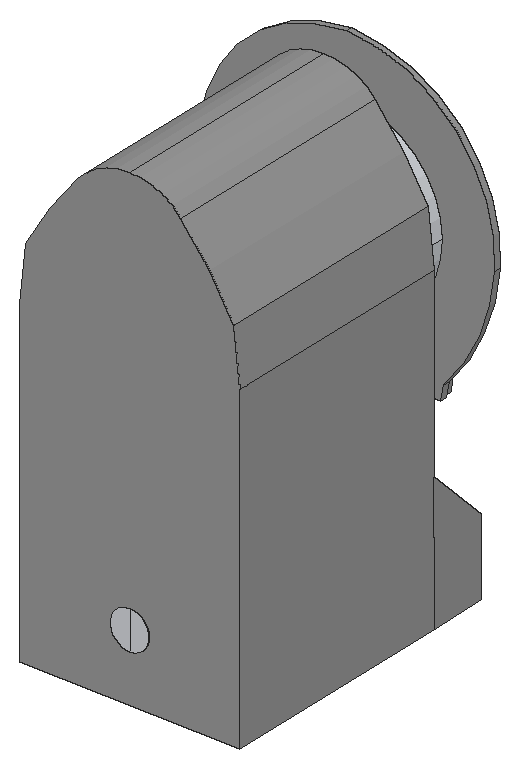
Revit family "Bariatric_Toilet-Willoughby-BETF-1490-FM-FA-BS", category Plumbing Fixtures, Revit 2015
Parameters (values of type "Standard")
  Waste DIA = 2 1/2"
  Waste Connection = yes
  Vent Connection = no
  URL = "https://www.willoughby-ind.com/wp-content/uploads/2018/01/BETF-1490-FM-FA.pdf"
  Type Comments = ""
  Revision = "A"
  Model = "BETF-1490-FM-FA-BS"
  Manufacturer = "Willoughby Industries"
  HW Connection = no
  Flush Inlet DIA = 1 1/2"
  Flush Inlet Connection = yes
  Fixture Body = Stainless Steel AISI 304-Willoughby
  Description = "Bariatric Toilet"
  Default Elevation = 0' - 0"
  Contact = "(800) 428-4065"
  CW Connection = no
Reference planes (in)
  plane 1 "Center (Front/Back)Floor": y = 0
  plane 2: z = 0
  plane 3 "Center (Left/Right)": x = 0
  plane 4 "Toilet Base HGT": y = 15.75
  plane 5 "Top Of Unit": y = 19.625
  plane 6: x = 7.125
  plane 7: x = -7.125
  plane 8: z = 20.875
  plane 9: z = 31
  plane 10: z = 31.5
  plane 11: z = 24.75
  plane 12: z = 29.375
  plane 13: x = 2
  plane 14: x = -2
  plane 15: z = 9
  plane 16: z = 5
  plane 17: z = 21.5
  plane 18: z = 27.6875
  plane 19: z = 13.125
  plane 20: x = 9.625
  plane 21: x = -9.625
  plane 22 "Waste HGT": y = 12.25
  plane 23: y = 16.5
  plane 24: z = 4.375
Forms (in)
  Extrusion 1, solid, material "Stainless Steel AISI 304-Willoughby" <- "Fixture Body"
    sketch origin (0, 0, 0) x (1, 0, 0) y (0, 0, 1)
      loop
        line (7.125, 0) -> (7.125, 20.875)
        arc (7.125, 20.875) -> (7.03428, 22.67805) -> (6.76304, 24.46289) r 17.96324
        arc (6.76304, 24.46289) -> (5.19007, 27.08) -> (3.33041, 29.50181) r 26.87644
        arc (3.33041, 29.50181) -> (1.83129, 30.62012) -> (0, 31) r 4.32008
        arc (0, 31) -> (-1.83129, 30.62012) -> (-3.33041, 29.50181) r 4.32008
        arc (-3.33041, 29.50181) -> (-5.19007, 27.08) -> (-6.76304, 24.46289) r 26.87644
        arc (-6.76304, 24.46289) -> (-7.03428, 22.67805) -> (-7.125, 20.875) r 17.96324
        line (-7.125, 20.875) -> (-7.125, 0) -> (7.125, 0)
    from 0 to -15.75
  Extrusion 2, solid, material "Stainless Steel AISI 304-Willoughby" <- "Fixture Body"
    sketch origin (0, 0, 0) x (0, 1, 0) y (0, 0, 1)
      loop
        line (15.75, 8.875) -> (15.75, 0) -> (19.625, 0) -> (19.625, 5) -> (15.75, 8.875)
    from -7.125 to 7.125
  Extrusion 3, solid
    sketch origin (0, 15.75, 0) x (-1, 0, 0) y (0, 0, 1)
      loop
        circle (0, 21.5) r 6.1875
    from 0 to 1.875
  Extrusion 4, solid, material "Stainless Steel AISI 304-Willoughby" <- "Fixture Body"
    sketch origin (0, 15.75, 0) x (-1, 0, 0) y (0, 0, 1)
      loop
        line (-4.75, 12.125) -> (-4.75, 12.625) -> (4.75, 12.625) -> (4.75, 12.125) -> (6.125, 12.125) -> (6.30133, 13.125)
        arc (6.30133, 13.125) -> (8.61843, 16.71898) -> (9.625, 20.875) r 12.82342
        arc (9.625, 20.875) -> (7.07791, 28.23969) -> (0, 31.5) r 9.93325
        arc (0, 31.5) -> (-7.07791, 28.23969) -> (-9.625, 20.875) r 9.93325
        arc (-9.625, 20.875) -> (-8.61843, 16.71898) -> (-6.30133, 13.125) r 12.82342
        line (-6.30133, 13.125) -> (-6.125, 12.125) -> (-4.75, 12.125)
    from 1.875 to 2.25
  Blend 5, solid, material "Stainless Steel AISI 304-Willoughby" <- "Fixture Body"
    base sketch origin (0, 15.75, 0) x (-1, 0, 0) y (0, 0, 1)
      loop
        line (-4.60785, 12.15929) -> (-4.60785, 12.40929) -> (4.64215, 12.40929) -> (4.64215, 12.15929) -> (5.98395, 12.15929) -> (6.22068, 14.59691)
        arc (6.22068, 14.59691) -> (8.11105, 18.09183) -> (8.6336, 22.03074) r 10.97859
        arc (8.6336, 22.03074) -> (5.98369, 28.04088) -> (0, 30.75) r 9.19603
        arc (0, 30.75) -> (-5.98369, 28.04088) -> (-8.6336, 22.03074) r 9.19603
        arc (-8.6336, 22.03074) -> (-8.11105, 18.09183) -> (-6.22068, 14.59691) r 10.97859
        line (-6.22068, 14.59691) -> (-5.98395, 12.15929) -> (-4.60785, 12.15929)
    top sketch origin (0, 15.75, 0) x (-1, 0, 0) y (0, 0, 1)
      loop
        arc (6.22944, 13.99176) -> (8.35674, 17.14799) -> (9.12911, 20.875) r 9.85348
        arc (9.12911, 20.875) -> (6.86364, 28.01045) -> (0, 31) r 9.05259
        arc (0, 31) -> (-6.86364, 28.01045) -> (-9.12911, 20.875) r 9.05259
        arc (-9.12911, 20.875) -> (-8.34629, 17.12327) -> (-6.19132, 13.954) r 9.85348
        line (-6.19132, 13.954) -> (-6.01467, 12.135) -> (-4.5826, 12.135) -> (-4.5826, 12.385) -> (4.63006, 12.385) -> (4.63006, 12.125) -> (5.99156, 12.125) -> (6.22944, 13.99176)
    from 2.875 to 2.25
  Revolve 6, solid, material "Stainless Steel AISI 304-Willoughby" <- "Fixture Body"
    sketch origin (0, 0, 0) x (0, 1, 0) y (0, 0, 1)
      loop
        line (16.5, 0) -> (16.5, 2.25) -> (15.75, 2.25) -> (15.75, 0) -> (16.5, 0)
      axis (16.5, 2.25) -> (16.5, 0)
    angle from 0 to 360
  Revolve 7, solid
    sketch origin (0, 0, 0) x (0, 1, 0) y (0, 0, 1)
      loop
        line (0, 4.375) -> (2.25, 4.375) -> (2.25, 5.625) -> (0, 5.625) -> (0, 4.375)
      axis (0, 4.375) -> (2.25, 4.375)
    angle from 0 to 360
Lines and regions (in)
  symbolic lines
    curve 1: line (0, 15.75, 8.875) -> (0, 15.75, 31)
    curve 2: line (0, 15.75, 31) -> (0, 0, 31)
    curve 3: line (0, 0, 31) -> (0, 0, 0)
    curve 4: line (0, 0, 0) -> (0, 15.75, 0)
    curve 11: line (0, 18, 12.125) -> (0, 17.625, 12.125)
    curve 16: line (0, 15.75, 8.875) -> (0, 19.625, 5)
    curve 17: line (0, 19.625, 5) -> (0, 19.625, 0)
    curve 18: line (0, 19.625, 0) -> (0, 15.75, 0)
    curve 19: line (7.125, 19.625, -0.25) -> (7.125, 19.625, 14.12365)
    curve 20: arc (7.125, 19.625, 14.12365) -> (8.85852, 19.625, 17.32028) -> (9.625, 19.625, 20.875) r 12.82342
    curve 21: arc (9.625, 19.625, 20.875) -> (9.10381, 19.625, 24.81755) -> (7.07791, 19.625, 28.23969) r 9.93325
    curve 22: arc (7.07791, 19.625, 28.23969) -> (3.87202, 19.625, 30.5929) -> (0, 19.625, 31.5) r 9.93325
    curve 23: arc (0, 19.625, 31.5) -> (-3.87202, 19.625, 30.5929) -> (-7.07791, 19.625, 28.23969) r 9.93325
    curve 24: arc (-7.07791, 19.625, 28.23969) -> (-9.10381, 19.625, 24.81755) -> (-9.625, 19.625, 20.875) r 9.93325
    curve 25: arc (-9.625, 19.625, 20.875) -> (-8.85852, 19.625, 17.32028) -> (-7.125, 19.625, 14.12365) r 12.82342
    curve 26: line (-7.125, 19.625, 14.12365) -> (-7.125, 19.625, 0)
    curve 27: line (-7.125, 19.625, 0) -> (7.125, 19.625, 0)
    curve 51: line (7.125, 19.625, 0) -> (-7.125, 19.625, 0)
    curve 52: line (-7.125, 19.625, 0) -> (-7.125, 0, 0)
    curve 53: line (-7.125, 0, 0) -> (7.125, 0, 0)
    curve 54: line (7.125, 0, 0) -> (7.125, 19.625, 0)
    curve 55: line (-6.76304, 15.75, 0) -> (-6.76304, 0, 0)
    curve 56: line (-7.125, 15.75, 0) -> (7.125, 15.75, 0)
    curve 57: line (6.1875, 17.625, 0) -> (6.1875, 15.75, 0)
    curve 58: line (-6.17726, 15.75, 0) -> (-6.17726, 17.625, 0)
    curve 59: line (-6.17726, 17.625, 0) -> (6.1875, 17.625, 0)
    curve 69: line (6.76304, 15.75, 0) -> (6.76304, 0, 0)
  symbolic lines, detail levels medium+fine
    curve 5: line (0, 15.75, 15.375) -> (0, 17.625, 15.375)
    curve 6: line (0, 17.625, 15.375) -> (0, 17.625, 27.6875)
    curve 7: line (0, 17.625, 27.6875) -> (0, 15.75, 27.6875)
    curve 8: line (0, 17.625, 27.6875) -> (0, 17.625, 31.5)
    curve 9: line (0, 17.625, 31.5) -> (0, 18, 31.5)
    curve 10: line (0, 18, 31.5) -> (0, 18, 12.125)
    curve 12: line (0, 17.625, 12.125) -> (0, 17.625, 15.375)
    curve 13: line (0, 18, 12.125) -> (0, 18.625, 12.15929)
    curve 14: line (0, 18.625, 12.15929) -> (0, 18.625, 30.75)
    curve 15: line (0, 18.625, 30.75) -> (0, 18, 31)
    curve 28: line (-7.125, 19.625, 5) -> (7.125, 19.625, 5)
    curve 29: line (-7.125, 19.625, 8.875) -> (7.125, 19.625, 8.875)
    curve 30: line (-7.125, 19.625, 14.12365) -> (-6.30133, 19.625, 13.125)
    curve 31: line (-6.30133, 19.625, 13.125) -> (-6.125, 19.625, 12.125)
    curve 32: line (-6.125, 19.625, 12.125) -> (-4.75, 19.625, 12.125)
    curve 33: line (-4.75, 19.625, 12.125) -> (-4.75, 19.625, 12.625)
    curve 34: line (-4.75, 19.625, 12.625) -> (4.75, 19.625, 12.625)
    curve 35: line (4.75, 19.625, 12.625) -> (4.75, 19.625, 12.125)
    curve 36: line (4.75, 19.625, 12.125) -> (6.125, 19.625, 12.125)
    curve 37: line (6.125, 19.625, 12.125) -> (6.30133, 19.625, 13.125)
    curve 38: arc (6.30133, 19.625, 13.125) -> (6.72577, 19.625, 13.61393) -> (7.125, 19.625, 14.12365) r 12.82342
    curve 50: line (0, 17.625, 12.125) -> (0, 18, 12.125)
    curve 60: line (-6.17726, 17.625, 0) -> (-9.6494, 17.625, 0)
    curve 61: line (-9.6494, 17.625, 0) -> (-9.6494, 18, 0)
    curve 62: line (-9.6494, 18, 0) -> (-9.12911, 18, 0)
    curve 63: line (-9.12911, 18, 0) -> (-8.6336, 18.625, 0)
    curve 64: line (-8.6336, 18.625, 0) -> (8.64736, 18.625, 0)
    curve 65: line (8.64736, 18.625, 0) -> (9.14287, 18, 0)
    curve 66: line (9.14287, 18, 0) -> (9.6494, 18, 0)
    curve 67: line (9.6494, 18, 0) -> (9.6494, 17.625, 0)
    curve 68: line (6.1875, 17.625, 0) -> (9.6494, 17.625, 0)
  symbolic lines, detail levels fine
    curve 39: line (-6.22068, 19.625, 14.59691) -> (-5.98395, 19.625, 12.15929)
    curve 40: line (-5.98395, 19.625, 12.15929) -> (-4.64215, 19.625, 12.15929)
    curve 41: line (-4.64215, 19.625, 12.15929) -> (-4.64215, 19.625, 12.385)
    curve 42: line (-4.64215, 19.625, 12.385) -> (4.60785, 19.625, 12.385)
    curve 43: line (4.60785, 19.625, 12.385) -> (4.60785, 19.625, 12.15929)
    curve 44: line (4.60785, 19.625, 12.15929) -> (5.98395, 19.625, 12.15929)
    curve 45: line (5.98395, 19.625, 12.15929) -> (6.22068, 19.625, 14.59691)
    curve 46: arc (6.22068, 19.625, 14.59691) -> (7.91817, 19.625, 17.54689) -> (8.63061, 19.625, 20.875) r 10.97859
    curve 47: arc (8.63061, 19.625, 20.875) -> (6.37958, 19.625, 27.61664) -> (0, 19.625, 30.75) r 9.21317
    curve 48: arc (0, 19.625, 30.75) -> (-6.36999, 19.625, 27.60827) -> (-8.63061, 19.625, 20.875) r 9.24339
    curve 49: arc (-8.63061, 19.625, 20.875) -> (-7.89379, 19.625, 17.55625) -> (-6.22068, 19.625, 14.59691) r 11.52349
Dimensions and locks (in)
  plane 9 to level = 2' - 7"
  plane 1 "Center (Front/Back)Floor" to plane 4 "Toilet Base HGT" = 1' - 3 3/4"
  plane 1 "Center (Front/Back)Floor" to plane 5 "Top Of Unit" = 1' - 7 5/8"
  plane 7 to plane 6 = 1' - 2 1/4"
  plane 10 to level = 2' - 7 1/2"
  plane 4 "Toilet Base HGT" to plane 1 "Center (Front/Back)Floor" = 1' - 3 3/4"
  aligned and locked: Extrusion 1 to plane 7
  aligned and locked: Extrusion 1 to level
  aligned and locked: Extrusion 2 to plane 4 "Toilet Base HGT"
  aligned and locked: plane 5 "Top Of Unit" to Extrusion 2
  aligned and locked: Extrusion 2 to level
  aligned and locked: plane 6 to Extrusion 2
  aligned and locked: Extrusion 2 to plane 7
  aligned and locked: curve 56 to curve 69
  aligned and locked: curve 69 to Extrusion 1
  aligned and locked: Revolve 6 sketch curve to Revolve 6 sketch curve  (x2)
  aligned and locked: Revolve 7 sketch curve to Revolve 7 sketch curve  (x2)
Connectors (in)
  piping at (0, 16.5, 0), diameter 1.5, driven by "Flush Inlet DIA", driven by "Flush Inlet Connection"
    settings: on Revolve 6, index 2, connector inside diameter 24", connector length 0' - 0", flow factor 0, pipe flow 0 GPM, pressure drop 0.00 psi, fitting loss kfactor 0, connector angle 0.00°, fixture units 0, engagement length 0' - 0", angle of deflection 0.00°, flow configuration 0, flow direction 0, fitting loss method 0, system type 7, joint type 0, gender type 0, connector reference index -1, connector utility 1, adjustable connector no, is connector primary yes, connector description ""
  piping at (0, 0, 4.375), diameter 2.5, driven by "Waste DIA", driven by "Waste Connection"
    settings: on Revolve 7, index 3, connector inside diameter 24", connector length 0' - 0", flow factor 0, pipe flow 0 GPM, pressure drop 0.00 psi, fitting loss kfactor 0, connector angle 0.00°, fixture units 0, engagement length 0' - 0", angle of deflection 0.00°, flow configuration 0, flow direction 0, fitting loss method 0, system type 7, joint type 0, gender type 0, connector reference index -1, connector utility 1, adjustable connector no, is connector primary no, connector description "Toilet Waste"
